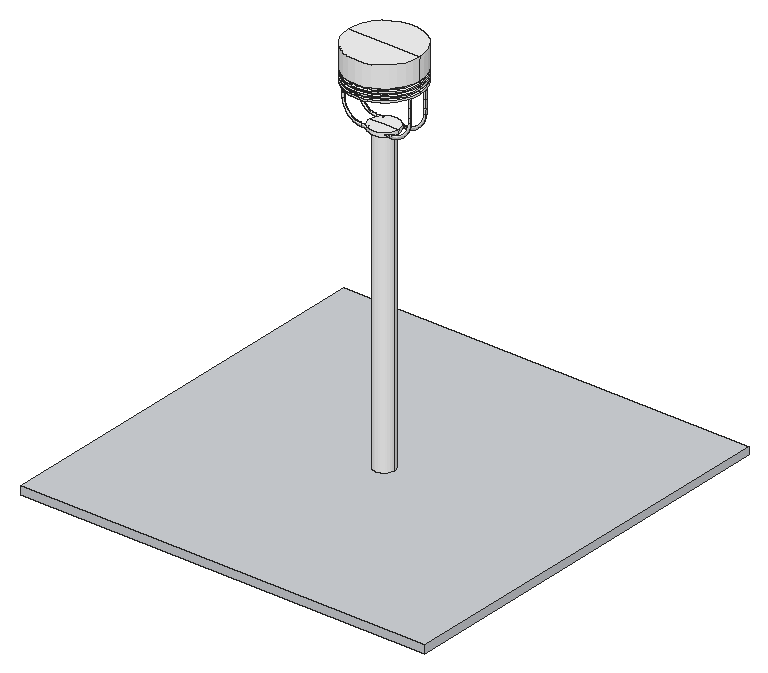
Revit family "CC_PT", category Lighting Fixtures, host Face, Revit 2014
Parameters (values of type "CC-FM")
  White = Paint - Hubbell - Matte White
  Watts = 24 W
  Wattage Comments = "24"
  Warranty = "5 years Warranty"  # constant formula
  Voltage = 120 V
  URL = "https://www.hubbell.com/kimlighting/en"
  Product Link = "https://www.hubbell.com/kimlighting/en/Products/Lighting-Controls/Commercial-Outdoor-Lighting/Area-Site-Roadway/Curvilinear-Cutoff/p/248457"
  Product Documentation Link = "https://hubbellcdn.com/specsheet/kl_CCCCS17_spec.pdf"
  Power Factor = 1
  Model = "Curvilinear Cutoff"  # constant formula
  Manufacturer = "KIM Lighting"  # constant formula
  Load Classification = Lighting
  Lamp = "LED"
  Housing Material = Paint - Hubbell - Textured Camera Black
  Height = 72"
  Gold = Hubbell - Gold
  Glass = Hubbell - Glass
  Fixture distribution = "Direct"  # constant formula
  Features = "• TIR Optics\r\n• Available in 595nm, 3000K, 4000K and 5000K standard CCT\r\n• Type 1, 2, 3, 4, 4W, 5QM, 5QN, 5R, 5W distributions\r\n• 0 - 10V dimming drivers standard\r\n• IP66 optic assembly"  # constant formula
  Description = "Sharp Cutoff and Visual Uniformity. The classic cylindrical design of the Curvilinear luminaire features a simple geometric shape for architectural relevance and is ideal for retail outlets or automotive dealerships. The luminaire family is designed for performance, providing energy efficiency, and glare control, all manufactured to Kim Lightings high standards for quality."  # constant formula
  Default Elevation = 48"
  Copyright = "© 2020 Kim Lighting, a division of Hubbell Lighting, Inc"  # constant formula
  Contact = "https://www.hubbell.com/kimlighting/en/contactUs?productId=248457"
  Connector Description = "Lighting Connector"  # constant formula
  Assembly Code = "D5020200"
  Apparent Load = Watts / Power Factor  # 24 VA
Reference planes (in)
  plane 1 "Center (Front/Back)": y = 0
  plane 2: z = 0.5561
  plane 3 "Center (Left/Right)": x = 0
  plane 4: z = 72.5561
Forms (in)
  Extrusion 1, solid
    sketch origin (0, 0, 0) x (1, 0, 0) y (0, 1, 0)
      loop
        line (-48, 48) -> (-48, -48) -> (48, -48) -> (48, 48) -> (-48, 48)
    from 0.5561 to -1.25
  Extrusion 2, solid, material "Paint - Hubbell - Matte White" <- "White"
    sketch origin (0, 0, 0) x (1, 0, 0) y (0, 1, 0)
      loop
        circle (0, 0) r 2.375
    from 0.5561 to 72.5561
Dimensions and locks (in)
  "Height": plane 4 to Extrusion 1
  aligned and locked: plane 2 to Extrusion 1
  aligned and locked: Extrusion 2 to plane 2
  aligned and locked: plane 4 to Extrusion 2
Automatic sketch dimensions
  Extrusion 1 sketch curve to Extrusion 1 sketch curve = 96"  (x2)
  plane 1 "Center (Front/Back)" to Extrusion 2 sketch curve = 0"
  Extrusion 2 sketch curve to plane 3 "Center (Left/Right)" = 0"
  radius of Extrusion 2 sketch curve = 2 3/8"
Nested families (in)
  nested 1: "CC_Arm_Base" at (0, 0, 72.5561), type "LTV767NF/6L3KUV/NB"
Connectors (in)
  electrical at (0, 0, 0.5561), driven by "Voltage", driven by "Apparent Load", driven by "Power Factor", driven by "Connector Description"
    settings: on Extrusion 2, index 1, voltage 120 V, apparent load 24 VA, apparent load phase1 0 VA, apparent load phase2 0 VA, apparent load phase3 0 VA, power factor 1, load classification "Other", number of poles 1, system type 30, power factor state 1, is connector primary yes, connector utility no, sub classification motor no, connector description "Lighting Connector"
Definition of nested family "CC_Arm_Base"
  Parameters (values of type "LTV767NF/6L3KUV/NB")
    White Surface = Paint - Hubbell - Matte White
    Wattage Comments = "11W"
    Wattage = 28 W
    built-in parameter 1150110 = 1 (stored number, unit not read)
    Voltage = "120 to 277V"
    URL = "https://www.hubbell.com/hubbelllightingci/en/"
    Type Comments = "Lighting Fixture"  # constant formula
    built-in parameter 1114217 = 1 (stored number, unit not read)
    Tilt Angle = 45.00°
    built-in parameter 1150109 = 1 (stored number, unit not read)
    built-in parameter 1150134 = 3
    built-in parameter 1150113 = 1 (stored number, unit not read)
    Specification = "Energy efficient LED models\r\nBrass or aluminum housing for durability\r\nHex cell louver and prismatic spread lens options"  # constant formula
    Series = "In-grade/ Landscape "  # constant formula
    Product Page = "https://www.hubbell.com/hubbelllightingci/en/Products/Lighting-Controls/Commercial-Outdoor-Lighting/In-Grade/In-Grade-Minivault/p/248531"
    Power Factor = 1  # constant formula
    Photometric Web File = "CC17x2-36L-225-3K7-2.ies"
    OmniClass Title = "Buried Uplights"  # constant formula
    OmniClass Number = "23-80 70 14 11 21"  # constant formula
    Number of Poles = 1
    Note Visible = yes
    Note Text = "LF"  # constant formula
    Model = "LTV767NF/6L3KUV/NB"  # constant formula
    Manufacturer = "KIM Lighting"  # constant formula
    built-in parameter 1150105 = 270.05 (stored number, unit not read)
    Lumens = 3393.6 lm
    built-in parameter 1150115 = 1 (stored number, unit not read)
    built-in parameter 1150137 = (empty or 0)
    built-in parameter 1150139 = (empty or 0)
    Lens Ring Material = Metal-Kim Lighting-Bronze
    built-in parameter 1150112 = 1 (stored number, unit not read)
    built-in parameter 1150114 = 1 (stored number, unit not read)
    Lamp = "LED"
    LED = Default Light Source
    built-in parameter 1150132 = (empty or 0)
    built-in parameter 1150102 = (empty or 0)
    built-in parameter 1150107 = 3200 (stored number, unit not read)
    built-in parameter 1150138 = (empty or 0)
    built-in parameter 1150106 = 2.7005 (stored number, unit not read)
    Emit from Circle Diameter = 15"
    Emit Shape Visible in Rendering = no
    Diameter = 7 1/4"
    Contact us = "https://www.hubbell.com/hubbelllightingci/en/contactUs?productId=248531"
    Composite Housing material = Plastic-Kim Lighting-Fiberglass
    Glass Material = Glass-Kim Lighting-Clear
    Full Load Current = 11 A
    Frequency = 60 Hz
    Finish = "Cast Bronze, Natural Finish"  # constant formula
    built-in parameter 1150104 = 11.26 (stored number, unit not read)
    Dimming Lamp Color Temperature Shift = (empty or 0)
    Description = "Minivault incorporates more than 50 years of in-grade experience into every luminaire. A commitment to produce the most durable product possible is the core of the series, which now includes new low wattage pulse start metal halide lamps and LEDs expanding into residential applications."  # constant formula
    Default Elevation = 0"
    Color Filter = 16777215
    built-in parameter 1114218 = 1 (stored number, unit not read)
    built-in parameter 1150133 = 10 (stored number, unit not read)
    Assembly Code = "D5020200"
    Apparent Load = 11 VA
  Reference planes (in)
    plane 1 "Center (Front/Back)": y = 0
    plane 2: z = 0
    plane 3 "Center (Left/Right)": x = 0
    plane 4: x = -8.5
    plane 5: x = 8.5
    plane 6: y = 8.5
    plane 7: y = -8.5
    plane 8: z = 21.88
  Forms (in)
    Extrusion 1, solid
      sketch origin (0, 0, 0) x (1, 0, 0) y (0, 1, 0)
        loop
          line (-48, 48) -> (-48, -48) -> (48, -48) -> (48, 48) -> (-48, 48)
      from 0 to -1.39695
    Revolve 2, solid, material "Paint - Hubbell - Matte White" <- "White Surface"
      sketch origin (0, 0, 18.09357) x (1, 0, 0) y (0, 0, 1)
        loop
          line (7.87949, -8) -> (8.5, -8) -> (8.5, -7.625) -> (8.12949, -7.41108) -> (8.12949, -7.15142) -> (8.5, -6.9375) -> (8.5, -6.6875) -> (8.12949, -6.47358) -> (8.12949, -6.21392) -> (8.5, -6) -> (8.5, -5.75) -> (8.12949, -5.53608) -> (8.12949, -5.27642) -> (8.5, -5.0625) -> (8.5, 0) -> (0, 0) -> (0, -7.41108) -> (7.87949, -7.41108) -> (7.87949, -8)
        axis (0, -8) -> (0, 0)
      angle from 0 to 360
    Extrusion 3, solid, material "Default Light Source" <- "LED"
      sketch origin (0, 0, 18.09357) x (0, -1, 0) y (1, 0, 0)
        loop
          circle (-0.60445, 0) r 0.16569
        loop
          circle (0, 0.60445) r 0.16569
        loop
          circle (0.60445, 0) r 0.16569
        loop
          circle (0, -0.60445) r 0.16569
        loop
          circle (-1.35445, 0) r 0.16569
        loop
          circle (-2.10445, 0) r 0.16569
        loop
          circle (-2.85445, 0) r 0.16569
        loop
          circle (-3.60445, 0) r 0.16569
        loop
          circle (-0.95774, 0.95774) r 0.16569
        loop
          circle (0, 1.35445) r 0.16569
        loop
          circle (0.95774, 0.95774) r 0.16569
        loop
          circle (1.35445, 0) r 0.16569
        loop
          circle (0.95774, -0.95774) r 0.16569
        loop
          circle (0, -1.35445) r 0.16569
        loop
          circle (-0.95774, -0.95774) r 0.16569
        loop
          circle (-1.48807, 1.48807) r 0.16569
        loop
          circle (0, 2.10445) r 0.16569
        loop
          circle (1.48807, 1.48807) r 0.16569
        loop
          circle (2.10445, 0) r 0.16569
        loop
          circle (1.48807, -1.48807) r 0.16569
        loop
          circle (0, -2.10445) r 0.16569
        loop
          circle (-1.48807, -1.48807) r 0.16569
        loop
          circle (-2.0184, 2.0184) r 0.16569
        loop
          circle (-2.54873, 2.54873) r 0.16569
        loop
          circle (0, 2.85445) r 0.16569
        loop
          circle (0, 3.60445) r 0.16569
        loop
          circle (2.0184, 2.0184) r 0.16569
        loop
          circle (2.54873, 2.54873) r 0.16569
        loop
          circle (2.85445, 0) r 0.16569
        loop
          circle (3.60445, 0) r 0.16569
        loop
          circle (2.0184, -2.0184) r 0.16569
        loop
          circle (2.54873, -2.54873) r 0.16569
        loop
          circle (0, -2.85445) r 0.16569
        loop
          circle (0, -3.60445) r 0.16569
        loop
          circle (-2.0184, -2.0184) r 0.16569
        loop
          circle (-2.54873, -2.54873) r 0.16569
      from -7.87223 to -7.625
    Extrusion 4, solid, material "Glass-Kim Lighting-Clear" <- "Glass Material"
      sketch origin (0, 0, 18.09357) x (0, -1, 0) y (1, 0, 0)
        loop
          circle (0, 0) r 7.87949
      from -8 to -7.87223
    Revolve 5, solid, material "Paint - Hubbell - Matte White" <- "White Surface"
      sketch origin (0, 0, -3.75) x (1, 0, 0) y (0, 0, 1)
        loop
          line (0, 3.75) -> (3.375, 3.75) -> (3.375, 4.5) -> (0, 4.5) -> (0, 3.75)
        axis (0, 4.5) -> (0, 3.75)
      angle from 0 to 360
    Sweep 6, solid, material "Paint - Hubbell - Matte White" <- "White Surface"
      path origin (0, 0, -3.75) x (1, 0, 0) y (0, 0, 1)
        loop
          line (7.87949, 13.84357) -> (7.87949, 11.84357) -> (7.87949, 9.84357) -> (7.87949, 8.62757)
          arc (7.87949, 8.62757) -> (6.56147, 5.44559) -> (3.37949, 4.12757) r 4.5
          line (3.37949, 4.12757) -> (1.97885, 4.12757)
      profile origin (7.87949, 0, 9.09357) x (0, -1, 0) y (1, 0, 0)
        loop
          circle (2.25, 0) r 0.25
    Sweep 7, solid, material "Paint - Hubbell - Matte White" <- "White Surface"
      path origin (0, 0, -3.75) x (1, 0, 0) y (0, 0, -1)
        loop
          line (7.87949, -13.84357) -> (7.87949, -11.84357) -> (7.87949, -9.84357) -> (7.87949, -8.62757)
          arc (7.87949, -8.62757) -> (6.56147, -5.44559) -> (3.37949, -4.12757) r 4.5
          line (3.37949, -4.12757) -> (1.97885, -4.12757)
      profile origin (7.87949, 0, 9.09357) x (0, 1, 0) y (-1, 0, 0)
        loop
          circle (2.25, 0) r 0.25
    Sweep 8, solid, material "Paint - Hubbell - Matte White" <- "White Surface"
      path origin (0, 0, -3.75) x (-1, 0, 0) y (0, 0, 1)
        loop
          line (7.87949, 13.84357) -> (7.87949, 11.84357) -> (7.87949, 9.84357) -> (7.87949, 8.62757)
          arc (7.87949, 8.62757) -> (6.56147, 5.44559) -> (3.37949, 4.12757) r 4.5
          line (3.37949, 4.12757) -> (1.97885, 4.12757)
      profile origin (-7.87949, 0, 9.09357) x (0, -1, 0) y (1, 0, 0)
        loop
          circle (2.25, 0) r 0.25
    Sweep 9, solid, material "Paint - Hubbell - Matte White" <- "White Surface"
      path origin (0, 0, -3.75) x (-1, 0, 0) y (0, 0, 1)
        loop
          line (7.87949, 13.84357) -> (7.87949, 11.84357) -> (7.87949, 9.84357) -> (7.87949, 8.62757)
          arc (7.87949, 8.62757) -> (6.56147, 5.44559) -> (3.37949, 4.12757) r 4.5
          line (3.37949, 4.12757) -> (1.97885, 4.12757)
      profile origin (-7.87949, 0, 9.09357) x (0, 1, 0) y (-1, 0, 0)
        loop
          circle (2.25, 0) r 0.25
  Dimensions and locks (in)
    plane 8 to Extrusion 1 = 21.88"
    aligned and locked: plane 2 to Extrusion 1
    aligned and locked: level to Extrusion 1
